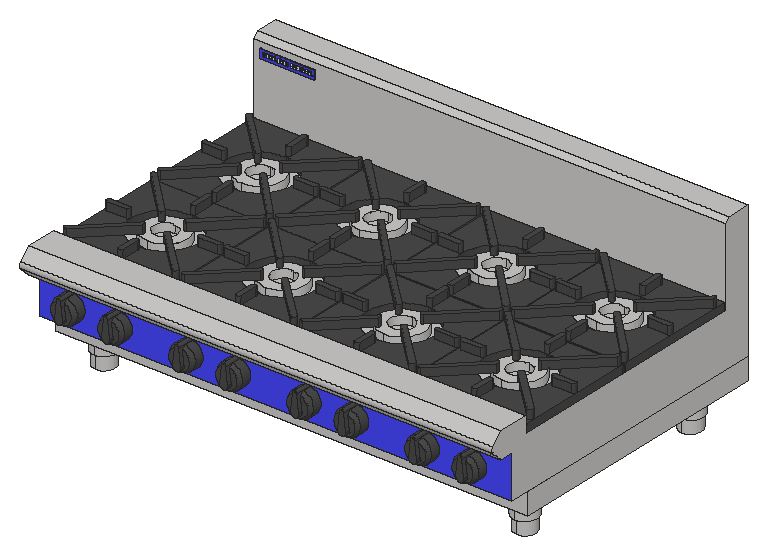
Revit family "QF_MOFFAT_BLUESEAL_CE_G518D-B", category Specialty Equipment, Revit 2012 (continued)
Definition of nested family "GAS BURNER 1200"
  Forms (mm)
    Extrusion 5, solid, material "QF_Finishes_Black"
      sketch origin (600, 0, 19.5) x (0, -1, 0) y (1, 0, 0)
        loop
          spline (463.6, -291.102) -> (463.818, -292.396) -> (464.457, -293.602) -> (465.475, -294.638) -> (466.8, -295.432) -> (468.344, -295.932) -> (470, -296.102) -> (471.656, -295.932) -> (473.2, -295.432) -> (474.525, -294.638) -> (475.543, -293.602) -> (476.182, -292.396) -> (476.4, -291.102)
          line (476.4, -291.102) -> (476.4, -241.898)
          spline (476.4, -241.898) -> (476.182, -240.604) -> (475.543, -239.398) -> (474.525, -238.362) -> (473.2, -237.568) -> (471.656, -237.068) -> (470, -236.898) -> (468.344, -237.068) -> (466.8, -237.568) -> (465.475, -238.362) -> (464.457, -239.398) -> (463.818, -240.604) -> (463.6, -241.898)
          line (463.6, -241.898) -> (463.6, -291.102)
        loop
          line (612.398, -284.847) -> (505.975, -176.924)
          spline (505.975, -176.924) -> (504.905, -176.163) -> (503.601, -175.762) -> (502.149, -175.749) -> (500.65, -176.125) -> (499.205, -176.863) -> (497.914, -177.914) -> (496.863, -179.205) -> (496.125, -180.65) -> (495.749, -182.149) -> (495.762, -183.601) -> (496.163, -184.905) -> (496.924, -185.975)
          line (496.924, -185.975) -> (603.347, -293.898)
          spline (603.347, -293.898) -> (604.416, -294.659) -> (605.721, -295.059) -> (607.172, -295.072) -> (608.671, -294.697) -> (610.116, -293.959) -> (611.408, -292.908) -> (612.459, -291.616) -> (613.197, -290.171) -> (613.572, -288.672) -> (613.559, -287.221) -> (613.159, -285.916) -> (612.398, -284.847)
        loop
          line (609.602, -143.6) -> (561.898, -143.6)
          spline (561.898, -143.6) -> (560.604, -143.818) -> (559.398, -144.457) -> (558.362, -145.475) -> (557.568, -146.8) -> (557.068, -148.344) -> (556.898, -150) -> (557.068, -151.656) -> (557.568, -153.2) -> (558.362, -154.525) -> (559.398, -155.543) -> (560.604, -156.182) -> (561.898, -156.4)
          line (561.898, -156.4) -> (609.602, -156.4)
          spline (609.602, -156.4) -> (610.896, -156.182) -> (612.102, -155.543) -> (613.138, -154.525) -> (613.932, -153.2) -> (614.432, -151.656) -> (614.602, -150) -> (614.432, -148.344) -> (613.932, -146.8) -> (613.138, -145.475) -> (612.102, -144.457) -> (610.896, -143.818) -> (609.602, -143.6)
        loop
          spline (612.398, -15.153) -> (613.159, -14.084) -> (613.559, -12.779) -> (613.572, -11.328) -> (613.197, -9.829) -> (612.459, -8.384) -> (611.408, -7.092) -> (610.116, -6.041) -> (608.671, -5.303) -> (607.172, -4.928) -> (605.721, -4.941) -> (604.416, -5.341) -> (603.347, -6.102)
          line (603.347, -6.102) -> (496.924, -114.025)
          spline (496.924, -114.025) -> (496.163, -115.095) -> (495.762, -116.399) -> (495.749, -117.851) -> (496.125, -119.35) -> (496.863, -120.795) -> (497.914, -122.086) -> (499.205, -123.137) -> (500.65, -123.875) -> (502.149, -124.251) -> (503.601, -124.238) -> (504.905, -123.837) -> (505.975, -123.076)
          line (505.975, -123.076) -> (612.398, -15.153)
        loop
          spline (476.4, -8.898) -> (476.182, -7.604) -> (475.543, -6.398) -> (474.525, -5.362) -> (473.2, -4.568) -> (471.656, -4.068) -> (470, -3.898) -> (468.344, -4.068) -> (466.8, -4.568) -> (465.475, -5.362) -> (464.457, -6.398) -> (463.818, -7.604) -> (463.6, -8.898)
          line (463.6, -8.898) -> (463.6, -58.102)
          spline (463.6, -58.102) -> (463.818, -59.396) -> (464.457, -60.602) -> (465.475, -61.638) -> (466.8, -62.432) -> (468.344, -62.932) -> (470, -63.102) -> (471.656, -62.932) -> (473.2, -62.432) -> (474.525, -61.638) -> (475.543, -60.602) -> (476.182, -59.396) -> (476.4, -58.102)
          line (476.4, -58.102) -> (476.4, -8.898)
        loop
          line (22.602, -15.153) -> (130.525, -123.076)
          spline (130.525, -123.076) -> (131.595, -123.837) -> (132.899, -124.238) -> (134.351, -124.251) -> (135.85, -123.875) -> (137.295, -123.137) -> (138.586, -122.086) -> (139.637, -120.795) -> (140.375, -119.35) -> (140.751, -117.851) -> (140.738, -116.399) -> (140.337, -115.095) -> (139.576, -114.025)
          line (139.576, -114.025) -> (31.653, -6.102)
          spline (31.653, -6.102) -> (30.424, -5.181) -> (28.97, -4.631) -> (27.39, -4.49) -> (25.792, -4.767) -> (24.286, -5.443) -> (22.973, -6.473) -> (21.943, -7.786) -> (21.267, -9.292) -> (20.99, -10.89) -> (21.131, -12.47) -> (21.681, -13.924) -> (22.602, -15.153)
        loop
          line (25.398, -156.4) -> (74.602, -156.4)
          spline (74.602, -156.4) -> (75.896, -156.182) -> (77.102, -155.543) -> (78.138, -154.525) -> (78.932, -153.2) -> (79.432, -151.656) -> (79.602, -150) -> (79.432, -148.344) -> (78.932, -146.8) -> (78.138, -145.475) -> (77.102, -144.457) -> (75.896, -143.818) -> (74.602, -143.6)
          line (74.602, -143.6) -> (25.398, -143.6)
          spline (25.398, -143.6) -> (24.104, -143.818) -> (22.898, -144.457) -> (21.862, -145.475) -> (21.068, -146.8) -> (20.568, -148.344) -> (20.398, -150) -> (20.568, -151.656) -> (21.068, -153.2) -> (21.862, -154.525) -> (22.898, -155.543) -> (24.104, -156.182) -> (25.398, -156.4)
        loop
          line (31.653, -293.898) -> (139.576, -185.975)
          spline (139.576, -185.975) -> (140.337, -184.905) -> (140.738, -183.601) -> (140.751, -182.149) -> (140.375, -180.65) -> (139.637, -179.205) -> (138.586, -177.914) -> (137.295, -176.863) -> (135.85, -176.125) -> (134.351, -175.749) -> (132.899, -175.762) -> (131.595, -176.163) -> (130.525, -176.924)
          line (130.525, -176.924) -> (22.602, -284.847)
          spline (22.602, -284.847) -> (21.841, -285.916) -> (21.441, -287.221) -> (21.428, -288.672) -> (21.803, -290.171) -> (22.541, -291.616) -> (23.592, -292.908) -> (24.884, -293.959) -> (26.329, -294.697) -> (27.828, -295.072) -> (29.279, -295.059) -> (30.584, -294.659) -> (31.653, -293.898)
        loop
          spline (160.1, -291.102) -> (160.318, -292.396) -> (160.957, -293.602) -> (161.975, -294.638) -> (163.3, -295.432) -> (164.844, -295.932) -> (166.5, -296.102) -> (168.156, -295.932) -> (169.7, -295.432) -> (171.025, -294.638) -> (172.043, -293.602) -> (172.682, -292.396) -> (172.9, -291.102)
          line (172.9, -291.102) -> (172.9, -241.898)
          spline (172.9, -241.898) -> (172.682, -240.604) -> (172.043, -239.398) -> (171.025, -238.362) -> (169.7, -237.568) -> (168.156, -237.068) -> (166.5, -236.898) -> (164.844, -237.068) -> (163.3, -237.568) -> (161.975, -238.362) -> (160.957, -239.398) -> (160.318, -240.604) -> (160.1, -241.898)
          line (160.1, -241.898) -> (160.1, -291.102)
        loop
          line (313.898, -284.847) -> (202.475, -176.924)
          spline (202.475, -176.924) -> (201.405, -176.163) -> (200.101, -175.762) -> (198.649, -175.749) -> (197.15, -176.125) -> (195.705, -176.863) -> (194.414, -177.914) -> (193.363, -179.205) -> (192.625, -180.65) -> (192.249, -182.149) -> (192.262, -183.601) -> (192.663, -184.905) -> (193.424, -185.975)
          line (193.424, -185.975) -> (304.847, -293.898)
          spline (304.847, -293.898) -> (305.916, -294.659) -> (307.221, -295.059) -> (308.672, -295.072) -> (310.171, -294.697) -> (311.616, -293.959) -> (312.908, -292.908) -> (313.959, -291.616) -> (314.697, -290.171) -> (315.072, -288.672) -> (315.059, -287.221) -> (314.659, -285.916) -> (313.898, -284.847)
        loop
          line (311.102, -143.6) -> (261.898, -143.6)
          spline (261.898, -143.6) -> (260.604, -143.818) -> (259.398, -144.457) -> (258.362, -145.475) -> (257.568, -146.8) -> (257.068, -148.344) -> (256.898, -150) -> (257.068, -151.656) -> (257.568, -153.2) -> (258.362, -154.525) -> (259.398, -155.543) -> (260.604, -156.182) -> (261.898, -156.4)
          line (261.898, -156.4) -> (311.102, -156.4)
          spline (311.102, -156.4) -> (312.396, -156.182) -> (313.602, -155.543) -> (314.638, -154.525) -> (315.432, -153.2) -> (315.932, -151.656) -> (316.102, -150) -> (315.932, -148.344) -> (315.432, -146.8) -> (314.638, -145.475) -> (313.602, -144.457) -> (312.396, -143.818) -> (311.102, -143.6)
        loop
          spline (313.898, -15.153) -> (314.659, -14.084) -> (315.059, -12.779) -> (315.072, -11.328) -> (314.697, -9.829) -> (313.959, -8.384) -> (312.908, -7.092) -> (311.616, -6.041) -> (310.171, -5.303) -> (308.672, -4.928) -> (307.221, -4.941) -> (305.916, -5.341) -> (304.847, -6.102)
          line (304.847, -6.102) -> (193.424, -114.025)
          spline (193.424, -114.025) -> (192.663, -115.095) -> (192.262, -116.399) -> (192.249, -117.851) -> (192.625, -119.35) -> (193.363, -120.795) -> (194.414, -122.086) -> (195.705, -123.137) -> (197.15, -123.875) -> (198.649, -124.251) -> (200.101, -124.238) -> (201.405, -123.837) -> (202.475, -123.076)
          line (202.475, -123.076) -> (313.898, -15.153)
        loop
          spline (172.9, -8.898) -> (172.682, -7.604) -> (172.043, -6.398) -> (171.025, -5.362) -> (169.7, -4.568) -> (168.156, -4.068) -> (166.5, -3.898) -> (164.844, -4.068) -> (163.3, -4.568) -> (161.975, -5.362) -> (160.957, -6.398) -> (160.318, -7.604) -> (160.1, -8.898)
          line (160.1, -8.898) -> (160.1, -58.102)
          spline (160.1, -58.102) -> (160.318, -59.396) -> (160.957, -60.602) -> (161.975, -61.638) -> (163.3, -62.432) -> (164.844, -62.932) -> (166.5, -63.102) -> (168.156, -62.932) -> (169.7, -62.432) -> (171.025, -61.638) -> (172.043, -60.602) -> (172.682, -59.396) -> (172.9, -58.102)
          line (172.9, -58.102) -> (172.9, -8.898)
      from 0 to 20.5
    Extrusion 6, solid, material "QF_Finishes_Stainless Steel"
      sketch origin (600, -15.098, 0) x (0, -1, 0) y (1, 0, 0)
        loop
          circle (151.402, -150) r 57
        loop
          circle (451.402, -150) r 57
        loop
          circle (151.402, -150) r 30
        loop
          circle (451.402, -150) r 30
      from 0 to 20
    Extrusion 7, solid, material "QF_Finishes_Black"
      sketch origin (901, 0, 19.5) x (0, -1, 0) y (1, 0, 0)
        loop
          line (326.102, -15.153) -> (434.025, -123.076)
          spline (434.025, -123.076) -> (435.095, -123.837) -> (436.399, -124.238) -> (437.851, -124.251) -> (439.35, -123.875) -> (440.795, -123.137) -> (442.086, -122.086) -> (443.137, -120.795) -> (443.875, -119.35) -> (444.251, -117.851) -> (444.238, -116.399) -> (443.837, -115.095) -> (443.076, -114.025)
          line (443.076, -114.025) -> (335.153, -6.102)
          spline (335.153, -6.102) -> (333.924, -5.181) -> (332.47, -4.631) -> (330.89, -4.49) -> (329.292, -4.767) -> (327.786, -5.443) -> (326.473, -6.473) -> (325.443, -7.786) -> (324.767, -9.292) -> (324.49, -10.89) -> (324.631, -12.47) -> (325.181, -13.924) -> (326.102, -15.153)
        loop
          line (328.898, -156.4) -> (378.102, -156.4)
          spline (378.102, -156.4) -> (379.396, -156.182) -> (380.602, -155.543) -> (381.638, -154.525) -> (382.432, -153.2) -> (382.932, -151.656) -> (383.102, -150) -> (382.932, -148.344) -> (382.432, -146.8) -> (381.638, -145.475) -> (380.602, -144.457) -> (379.396, -143.818) -> (378.102, -143.6)
          line (378.102, -143.6) -> (328.898, -143.6)
          spline (328.898, -143.6) -> (327.604, -143.818) -> (326.398, -144.457) -> (325.362, -145.475) -> (324.568, -146.8) -> (324.068, -148.344) -> (323.898, -150) -> (324.068, -151.656) -> (324.568, -153.2) -> (325.362, -154.525) -> (326.398, -155.543) -> (327.604, -156.182) -> (328.898, -156.4)
        loop
          line (335.153, -293.898) -> (443.076, -185.975)
          spline (443.076, -185.975) -> (443.837, -184.905) -> (444.238, -183.601) -> (444.251, -182.149) -> (443.875, -180.65) -> (443.137, -179.205) -> (442.086, -177.914) -> (440.795, -176.863) -> (439.35, -176.125) -> (437.851, -175.749) -> (436.399, -175.762) -> (435.095, -176.163) -> (434.025, -176.924)
          line (434.025, -176.924) -> (326.102, -284.847)
          spline (326.102, -284.847) -> (325.341, -285.916) -> (324.941, -287.221) -> (324.928, -288.672) -> (325.303, -290.171) -> (326.041, -291.616) -> (327.092, -292.908) -> (328.384, -293.959) -> (329.829, -294.697) -> (331.328, -295.072) -> (332.779, -295.059) -> (334.084, -294.659) -> (335.153, -293.898)
        loop
          spline (463.6, -291.102) -> (463.818, -292.396) -> (464.457, -293.602) -> (465.475, -294.638) -> (466.8, -295.432) -> (468.344, -295.932) -> (470, -296.102) -> (471.656, -295.932) -> (473.2, -295.432) -> (474.525, -294.638) -> (475.543, -293.602) -> (476.182, -292.396) -> (476.4, -291.102)
          line (476.4, -291.102) -> (476.4, -241.898)
          spline (476.4, -241.898) -> (476.182, -240.604) -> (475.543, -239.398) -> (474.525, -238.362) -> (473.2, -237.568) -> (471.656, -237.068) -> (470, -236.898) -> (468.344, -237.068) -> (466.8, -237.568) -> (465.475, -238.362) -> (464.457, -239.398) -> (463.818, -240.604) -> (463.6, -241.898)
          line (463.6, -241.898) -> (463.6, -291.102)
        loop
          line (612.398, -284.847) -> (505.975, -176.924)
          spline (505.975, -176.924) -> (504.905, -176.163) -> (503.601, -175.762) -> (502.149, -175.749) -> (500.65, -176.125) -> (499.205, -176.863) -> (497.914, -177.914) -> (496.863, -179.205) -> (496.125, -180.65) -> (495.749, -182.149) -> (495.762, -183.601) -> (496.163, -184.905) -> (496.924, -185.975)
          line (496.924, -185.975) -> (603.347, -293.898)
          spline (603.347, -293.898) -> (604.416, -294.659) -> (605.721, -295.059) -> (607.172, -295.072) -> (608.671, -294.697) -> (610.116, -293.959) -> (611.408, -292.908) -> (612.459, -291.616) -> (613.197, -290.171) -> (613.572, -288.672) -> (613.559, -287.221) -> (613.159, -285.916) -> (612.398, -284.847)
        loop
          line (609.602, -143.6) -> (561.898, -143.6)
          spline (561.898, -143.6) -> (560.604, -143.818) -> (559.398, -144.457) -> (558.362, -145.475) -> (557.568, -146.8) -> (557.068, -148.344) -> (556.898, -150) -> (557.068, -151.656) -> (557.568, -153.2) -> (558.362, -154.525) -> (559.398, -155.543) -> (560.604, -156.182) -> (561.898, -156.4)
          line (561.898, -156.4) -> (609.602, -156.4)
          spline (609.602, -156.4) -> (610.896, -156.182) -> (612.102, -155.543) -> (613.138, -154.525) -> (613.932, -153.2) -> (614.432, -151.656) -> (614.602, -150) -> (614.432, -148.344) -> (613.932, -146.8) -> (613.138, -145.475) -> (612.102, -144.457) -> (610.896, -143.818) -> (609.602, -143.6)
        loop
          spline (612.398, -15.153) -> (613.159, -14.084) -> (613.559, -12.779) -> (613.572, -11.328) -> (613.197, -9.829) -> (612.459, -8.384) -> (611.408, -7.092) -> (610.116, -6.041) -> (608.671, -5.303) -> (607.172, -4.928) -> (605.721, -4.941) -> (604.416, -5.341) -> (603.347, -6.102)
          line (603.347, -6.102) -> (496.924, -114.025)
          spline (496.924, -114.025) -> (496.163, -115.095) -> (495.762, -116.399) -> (495.749, -117.851) -> (496.125, -119.35) -> (496.863, -120.795) -> (497.914, -122.086) -> (499.205, -123.137) -> (500.65, -123.875) -> (502.149, -124.251) -> (503.601, -124.238) -> (504.905, -123.837) -> (505.975, -123.076)
          line (505.975, -123.076) -> (612.398, -15.153)
        loop
          spline (476.4, -8.898) -> (476.182, -7.604) -> (475.543, -6.398) -> (474.525, -5.362) -> (473.2, -4.568) -> (471.656, -4.068) -> (470, -3.898) -> (468.344, -4.068) -> (466.8, -4.568) -> (465.475, -5.362) -> (464.457, -6.398) -> (463.818, -7.604) -> (463.6, -8.898)
          line (463.6, -8.898) -> (463.6, -58.102)
          spline (463.6, -58.102) -> (463.818, -59.396) -> (464.457, -60.602) -> (465.475, -61.638) -> (466.8, -62.432) -> (468.344, -62.932) -> (470, -63.102) -> (471.656, -62.932) -> (473.2, -62.432) -> (474.525, -61.638) -> (475.543, -60.602) -> (476.182, -59.396) -> (476.4, -58.102)
          line (476.4, -58.102) -> (476.4, -8.898)
        loop
          line (22.602, -15.153) -> (130.525, -123.076)
          spline (130.525, -123.076) -> (131.595, -123.837) -> (132.899, -124.238) -> (134.351, -124.251) -> (135.85, -123.875) -> (137.295, -123.137) -> (138.586, -122.086) -> (139.637, -120.795) -> (140.375, -119.35) -> (140.751, -117.851) -> (140.738, -116.399) -> (140.337, -115.095) -> (139.576, -114.025)
          line (139.576, -114.025) -> (31.653, -6.102)
          spline (31.653, -6.102) -> (30.424, -5.181) -> (28.97, -4.631) -> (27.39, -4.49) -> (25.792, -4.767) -> (24.286, -5.443) -> (22.973, -6.473) -> (21.943, -7.786) -> (21.267, -9.292) -> (20.99, -10.89) -> (21.131, -12.47) -> (21.681, -13.924) -> (22.602, -15.153)
        loop
          line (25.398, -156.4) -> (74.602, -156.4)
          spline (74.602, -156.4) -> (75.896, -156.182) -> (77.102, -155.543) -> (78.138, -154.525) -> (78.932, -153.2) -> (79.432, -151.656) -> (79.602, -150) -> (79.432, -148.344) -> (78.932, -146.8) -> (78.138, -145.475) -> (77.102, -144.457) -> (75.896, -143.818) -> (74.602, -143.6)
          line (74.602, -143.6) -> (25.398, -143.6)
          spline (25.398, -143.6) -> (24.104, -143.818) -> (22.898, -144.457) -> (21.862, -145.475) -> (21.068, -146.8) -> (20.568, -148.344) -> (20.398, -150) -> (20.568, -151.656) -> (21.068, -153.2) -> (21.862, -154.525) -> (22.898, -155.543) -> (24.104, -156.182) -> (25.398, -156.4)
        loop
          line (31.653, -293.898) -> (139.576, -185.975)
          spline (139.576, -185.975) -> (140.337, -184.905) -> (140.738, -183.601) -> (140.751, -182.149) -> (140.375, -180.65) -> (139.637, -179.205) -> (138.586, -177.914) -> (137.295, -176.863) -> (135.85, -176.125) -> (134.351, -175.749) -> (132.899, -175.762) -> (131.595, -176.163) -> (130.525, -176.924)
          line (130.525, -176.924) -> (22.602, -284.847)
          spline (22.602, -284.847) -> (21.841, -285.916) -> (21.441, -287.221) -> (21.428, -288.672) -> (21.803, -290.171) -> (22.541, -291.616) -> (23.592, -292.908) -> (24.884, -293.959) -> (26.329, -294.697) -> (27.828, -295.072) -> (29.279, -295.059) -> (30.584, -294.659) -> (31.653, -293.898)
        loop
          spline (160.1, -291.102) -> (160.318, -292.396) -> (160.957, -293.602) -> (161.975, -294.638) -> (163.3, -295.432) -> (164.844, -295.932) -> (166.5, -296.102) -> (168.156, -295.932) -> (169.7, -295.432) -> (171.025, -294.638) -> (172.043, -293.602) -> (172.682, -292.396) -> (172.9, -291.102)
          line (172.9, -291.102) -> (172.9, -241.898)
          spline (172.9, -241.898) -> (172.682, -240.604) -> (172.043, -239.398) -> (171.025, -238.362) -> (169.7, -237.568) -> (168.156, -237.068) -> (166.5, -236.898) -> (164.844, -237.068) -> (163.3, -237.568) -> (161.975, -238.362) -> (160.957, -239.398) -> (160.318, -240.604) -> (160.1, -241.898)
          line (160.1, -241.898) -> (160.1, -291.102)
        loop
          line (313.898, -284.847) -> (202.475, -176.924)
          spline (202.475, -176.924) -> (201.405, -176.163) -> (200.101, -175.762) -> (198.649, -175.749) -> (197.15, -176.125) -> (195.705, -176.863) -> (194.414, -177.914) -> (193.363, -179.205) -> (192.625, -180.65) -> (192.249, -182.149) -> (192.262, -183.601) -> (192.663, -184.905) -> (193.424, -185.975)
          line (193.424, -185.975) -> (304.847, -293.898)
          spline (304.847, -293.898) -> (305.916, -294.659) -> (307.221, -295.059) -> (308.672, -295.072) -> (310.171, -294.697) -> (311.616, -293.959) -> (312.908, -292.908) -> (313.959, -291.616) -> (314.697, -290.171) -> (315.072, -288.672) -> (315.059, -287.221) -> (314.659, -285.916) -> (313.898, -284.847)
        loop
          line (311.102, -143.6) -> (261.898, -143.6)
          spline (261.898, -143.6) -> (260.604, -143.818) -> (259.398, -144.457) -> (258.362, -145.475) -> (257.568, -146.8) -> (257.068, -148.344) -> (256.898, -150) -> (257.068, -151.656) -> (257.568, -153.2) -> (258.362, -154.525) -> (259.398, -155.543) -> (260.604, -156.182) -> (261.898, -156.4)
          line (261.898, -156.4) -> (311.102, -156.4)
          spline (311.102, -156.4) -> (312.396, -156.182) -> (313.602, -155.543) -> (314.638, -154.525) -> (315.432, -153.2) -> (315.932, -151.656) -> (316.102, -150) -> (315.932, -148.344) -> (315.432, -146.8) -> (314.638, -145.475) -> (313.602, -144.457) -> (312.396, -143.818) -> (311.102, -143.6)
        loop
          spline (313.898, -15.153) -> (314.659, -14.084) -> (315.059, -12.779) -> (315.072, -11.328) -> (314.697, -9.829) -> (313.959, -8.384) -> (312.908, -7.092) -> (311.616, -6.041) -> (310.171, -5.303) -> (308.672, -4.928) -> (307.221, -4.941) -> (305.916, -5.341) -> (304.847, -6.102)
          line (304.847, -6.102) -> (193.424, -114.025)
          spline (193.424, -114.025) -> (192.663, -115.095) -> (192.262, -116.399) -> (192.249, -117.851) -> (192.625, -119.35) -> (193.363, -120.795) -> (194.414, -122.086) -> (195.705, -123.137) -> (197.15, -123.875) -> (198.649, -124.251) -> (200.101, -124.238) -> (201.405, -123.837) -> (202.475, -123.076)
          line (202.475, -123.076) -> (313.898, -15.153)
        loop
          spline (172.9, -8.898) -> (172.682, -7.604) -> (172.043, -6.398) -> (171.025, -5.362) -> (169.7, -4.568) -> (168.156, -4.068) -> (166.5, -3.898) -> (164.844, -4.068) -> (163.3, -4.568) -> (161.975, -5.362) -> (160.957, -6.398) -> (160.318, -7.604) -> (160.1, -8.898)
          line (160.1, -8.898) -> (160.1, -58.102)
          spline (160.1, -58.102) -> (160.318, -59.396) -> (160.957, -60.602) -> (161.975, -61.638) -> (163.3, -62.432) -> (164.844, -62.932) -> (166.5, -63.102) -> (168.156, -62.932) -> (169.7, -62.432) -> (171.025, -61.638) -> (172.043, -60.602) -> (172.682, -59.396) -> (172.9, -58.102)
          line (172.9, -58.102) -> (172.9, -8.898)
      from 0 to 20.5
    Extrusion 8, solid, material "QF_Finishes_Stainless Steel"
      sketch origin (901, -15.098, 0) x (0, -1, 0) y (1, 0, 0)
        loop
          circle (151.402, -150) r 57
        loop
          circle (451.402, -150) r 57
        loop
          circle (151.402, -150) r 30
        loop
          circle (451.402, -150) r 30
      from 0 to 20
    Extrusion 9, solid, material "QF_Finishes_Black"
      sketch origin (901, 0, 0) x (0, -1, 0) y (1, 0, 0)
        loop
          arc (318.5, -4) -> (317.621, -1.879) -> (315.5, -1) r 3
          line (315.5, -1) -> (3, -1)
          arc (3, -1) -> (0.879, -1.879) -> (0, -4) r 3
          line (0, -4) -> (0, -296)
          arc (0, -296) -> (0.879, -298.121) -> (3, -299) r 3
          line (3, -299) -> (315.5, -299)
          arc (315.5, -299) -> (317.621, -298.121) -> (318.5, -296) r 3
          line (318.5, -296) -> (318.5, -4)
        loop
          arc (324.5, -1) -> (322.379, -1.879) -> (321.5, -4) r 3
          line (321.5, -4) -> (321.5, -296)
          arc (321.5, -296) -> (322.379, -298.121) -> (324.5, -299) r 3
          line (324.5, -299) -> (632, -299)
          arc (632, -299) -> (634.121, -298.121) -> (635, -296) r 3
          line (635, -296) -> (635, -4)
          arc (635, -4) -> (634.121, -1.879) -> (632, -1) r 3
          line (632, -1) -> (324.5, -1)
        loop
          circle (168.5, -149.991) r 84.082
        loop
          circle (468.5, -149.991) r 84.082
      from 0 to 19.5
    Extrusion 10, solid, material "QF_Finishes_Stainless Steel"
      sketch origin (901, -15.098, 0) x (0, -1, 0) y (1, 0, 0)
        loop
          circle (151.402, -150) r 57
        loop
          circle (451.402, -150) r 57
        loop
          circle (151.402, -150) r 30
        loop
          circle (451.402, -150) r 30
      from 0 to 20
    Extrusion 11, solid, material "QF_Finishes_Black"
      sketch origin (1200, 0, 0) x (0, -1, 0) y (1, 0, 0)
        loop
          arc (318.5, -4) -> (317.621, -1.879) -> (315.5, -1) r 3
          line (315.5, -1) -> (3, -1)
          arc (3, -1) -> (0.879, -1.879) -> (0, -4) r 3
          line (0, -4) -> (0, -296)
          arc (0, -296) -> (0.879, -298.121) -> (3, -299) r 3
          line (3, -299) -> (315.5, -299)
          arc (315.5, -299) -> (317.621, -298.121) -> (318.5, -296) r 3
          line (318.5, -296) -> (318.5, -4)
        loop
          arc (324.5, -1) -> (322.379, -1.879) -> (321.5, -4) r 3
          line (321.5, -4) -> (321.5, -296)
          arc (321.5, -296) -> (322.379, -298.121) -> (324.5, -299) r 3
          line (324.5, -299) -> (632, -299)
          arc (632, -299) -> (634.121, -298.121) -> (635, -296) r 3
          line (635, -296) -> (635, -4)
          arc (635, -4) -> (634.121, -1.879) -> (632, -1) r 3
          line (632, -1) -> (324.5, -1)
        loop
          circle (168.5, -149.991) r 84.082
        loop
          circle (468.5, -149.991) r 84.082
      from 0 to 19.5
    Extrusion 12, solid, material "QF_Finishes_Black"
      sketch origin (1200, 0, 19.5) x (0, -1, 0) y (1, 0, 0)
        loop
          line (326.102, -15.153) -> (434.025, -123.076)
          spline (434.025, -123.076) -> (435.095, -123.837) -> (436.399, -124.238) -> (437.851, -124.251) -> (439.35, -123.875) -> (440.795, -123.137) -> (442.086, -122.086) -> (443.137, -120.795) -> (443.875, -119.35) -> (444.251, -117.851) -> (444.238, -116.399) -> (443.837, -115.095) -> (443.076, -114.025)
          line (443.076, -114.025) -> (335.153, -6.102)
          spline (335.153, -6.102) -> (333.924, -5.181) -> (332.47, -4.631) -> (330.89, -4.49) -> (329.292, -4.767) -> (327.786, -5.443) -> (326.473, -6.473) -> (325.443, -7.786) -> (324.767, -9.292) -> (324.49, -10.89) -> (324.631, -12.47) -> (325.181, -13.924) -> (326.102, -15.153)
        loop
          line (328.898, -156.4) -> (378.102, -156.4)
          spline (378.102, -156.4) -> (379.396, -156.182) -> (380.602, -155.543) -> (381.638, -154.525) -> (382.432, -153.2) -> (382.932, -151.656) -> (383.102, -150) -> (382.932, -148.344) -> (382.432, -146.8) -> (381.638, -145.475) -> (380.602, -144.457) -> (379.396, -143.818) -> (378.102, -143.6)
          line (378.102, -143.6) -> (328.898, -143.6)
          spline (328.898, -143.6) -> (327.604, -143.818) -> (326.398, -144.457) -> (325.362, -145.475) -> (324.568, -146.8) -> (324.068, -148.344) -> (323.898, -150) -> (324.068, -151.656) -> (324.568, -153.2) -> (325.362, -154.525) -> (326.398, -155.543) -> (327.604, -156.182) -> (328.898, -156.4)
        loop
          line (335.153, -293.898) -> (443.076, -185.975)
          spline (443.076, -185.975) -> (443.837, -184.905) -> (444.238, -183.601) -> (444.251, -182.149) -> (443.875, -180.65) -> (443.137, -179.205) -> (442.086, -177.914) -> (440.795, -176.863) -> (439.35, -176.125) -> (437.851, -175.749) -> (436.399, -175.762) -> (435.095, -176.163) -> (434.025, -176.924)
          line (434.025, -176.924) -> (326.102, -284.847)
          spline (326.102, -284.847) -> (325.341, -285.916) -> (324.941, -287.221) -> (324.928, -288.672) -> (325.303, -290.171) -> (326.041, -291.616) -> (327.092, -292.908) -> (328.384, -293.959) -> (329.829, -294.697) -> (331.328, -295.072) -> (332.779, -295.059) -> (334.084, -294.659) -> (335.153, -293.898)
        loop
          spline (463.6, -291.102) -> (463.818, -292.396) -> (464.457, -293.602) -> (465.475, -294.638) -> (466.8, -295.432) -> (468.344, -295.932) -> (470, -296.102) -> (471.656, -295.932) -> (473.2, -295.432) -> (474.525, -294.638) -> (475.543, -293.602) -> (476.182, -292.396) -> (476.4, -291.102)
          line (476.4, -291.102) -> (476.4, -241.898)
          spline (476.4, -241.898) -> (476.182, -240.604) -> (475.543, -239.398) -> (474.525, -238.362) -> (473.2, -237.568) -> (471.656, -237.068) -> (470, -236.898) -> (468.344, -237.068) -> (466.8, -237.568) -> (465.475, -238.362) -> (464.457, -239.398) -> (463.818, -240.604) -> (463.6, -241.898)
          line (463.6, -241.898) -> (463.6, -291.102)
        loop
          line (612.398, -284.847) -> (505.975, -176.924)
          spline (505.975, -176.924) -> (504.905, -176.163) -> (503.601, -175.762) -> (502.149, -175.749) -> (500.65, -176.125) -> (499.205, -176.863) -> (497.914, -177.914) -> (496.863, -179.205) -> (496.125, -180.65) -> (495.749, -182.149) -> (495.762, -183.601) -> (496.163, -184.905) -> (496.924, -185.975)
          line (496.924, -185.975) -> (603.347, -293.898)
          spline (603.347, -293.898) -> (604.416, -294.659) -> (605.721, -295.059) -> (607.172, -295.072) -> (608.671, -294.697) -> (610.116, -293.959) -> (611.408, -292.908) -> (612.459, -291.616) -> (613.197, -290.171) -> (613.572, -288.672) -> (613.559, -287.221) -> (613.159, -285.916) -> (612.398, -284.847)
        loop
          line (609.602, -143.6) -> (561.898, -143.6)
          spline (561.898, -143.6) -> (560.604, -143.818) -> (559.398, -144.457) -> (558.362, -145.475) -> (557.568, -146.8) -> (557.068, -148.344) -> (556.898, -150) -> (557.068, -151.656) -> (557.568, -153.2) -> (558.362, -154.525) -> (559.398, -155.543) -> (560.604, -156.182) -> (561.898, -156.4)
          line (561.898, -156.4) -> (609.602, -156.4)
          spline (609.602, -156.4) -> (610.896, -156.182) -> (612.102, -155.543) -> (613.138, -154.525) -> (613.932, -153.2) -> (614.432, -151.656) -> (614.602, -150) -> (614.432, -148.344) -> (613.932, -146.8) -> (613.138, -145.475) -> (612.102, -144.457) -> (610.896, -143.818) -> (609.602, -143.6)
        loop
          spline (612.398, -15.153) -> (613.159, -14.084) -> (613.559, -12.779) -> (613.572, -11.328) -> (613.197, -9.829) -> (612.459, -8.384) -> (611.408, -7.092) -> (610.116, -6.041) -> (608.671, -5.303) -> (607.172, -4.928) -> (605.721, -4.941) -> (604.416, -5.341) -> (603.347, -6.102)
          line (603.347, -6.102) -> (496.924, -114.025)
          spline (496.924, -114.025) -> (496.163, -115.095) -> (495.762, -116.399) -> (495.749, -117.851) -> (496.125, -119.35) -> (496.863, -120.795) -> (497.914, -122.086) -> (499.205, -123.137) -> (500.65, -123.875) -> (502.149, -124.251) -> (503.601, -124.238) -> (504.905, -123.837) -> (505.975, -123.076)
          line (505.975, -123.076) -> (612.398, -15.153)
        loop
          spline (476.4, -8.898) -> (476.182, -7.604) -> (475.543, -6.398) -> (474.525, -5.362) -> (473.2, -4.568) -> (471.656, -4.068) -> (470, -3.898) -> (468.344, -4.068) -> (466.8, -4.568) -> (465.475, -5.362) -> (464.457, -6.398) -> (463.818, -7.604) -> (463.6, -8.898)
          line (463.6, -8.898) -> (463.6, -58.102)
          spline (463.6, -58.102) -> (463.818, -59.396) -> (464.457, -60.602) -> (465.475, -61.638) -> (466.8, -62.432) -> (468.344, -62.932) -> (470, -63.102) -> (471.656, -62.932) -> (473.2, -62.432) -> (474.525, -61.638) -> (475.543, -60.602) -> (476.182, -59.396) -> (476.4, -58.102)
          line (476.4, -58.102) -> (476.4, -8.898)
        loop
          line (22.602, -15.153) -> (130.525, -123.076)
          spline (130.525, -123.076) -> (131.595, -123.837) -> (132.899, -124.238) -> (134.351, -124.251) -> (135.85, -123.875) -> (137.295, -123.137) -> (138.586, -122.086) -> (139.637, -120.795) -> (140.375, -119.35) -> (140.751, -117.851) -> (140.738, -116.399) -> (140.337, -115.095) -> (139.576, -114.025)
          line (139.576, -114.025) -> (31.653, -6.102)
          spline (31.653, -6.102) -> (30.424, -5.181) -> (28.97, -4.631) -> (27.39, -4.49) -> (25.792, -4.767) -> (24.286, -5.443) -> (22.973, -6.473) -> (21.943, -7.786) -> (21.267, -9.292) -> (20.99, -10.89) -> (21.131, -12.47) -> (21.681, -13.924) -> (22.602, -15.153)
        loop
          line (25.398, -156.4) -> (74.602, -156.4)
          spline (74.602, -156.4) -> (75.896, -156.182) -> (77.102, -155.543) -> (78.138, -154.525) -> (78.932, -153.2) -> (79.432, -151.656) -> (79.602, -150) -> (79.432, -148.344) -> (78.932, -146.8) -> (78.138, -145.475) -> (77.102, -144.457) -> (75.896, -143.818) -> (74.602, -143.6)
          line (74.602, -143.6) -> (25.398, -143.6)
          spline (25.398, -143.6) -> (24.104, -143.818) -> (22.898, -144.457) -> (21.862, -145.475) -> (21.068, -146.8) -> (20.568, -148.344) -> (20.398, -150) -> (20.568, -151.656) -> (21.068, -153.2) -> (21.862, -154.525) -> (22.898, -155.543) -> (24.104, -156.182) -> (25.398, -156.4)
        loop
          line (31.653, -293.898) -> (139.576, -185.975)
          spline (139.576, -185.975) -> (140.337, -184.905) -> (140.738, -183.601) -> (140.751, -182.149) -> (140.375, -180.65) -> (139.637, -179.205) -> (138.586, -177.914) -> (137.295, -176.863) -> (135.85, -176.125) -> (134.351, -175.749) -> (132.899, -175.762) -> (131.595, -176.163) -> (130.525, -176.924)
          line (130.525, -176.924) -> (22.602, -284.847)
          spline (22.602, -284.847) -> (21.841, -285.916) -> (21.441, -287.221) -> (21.428, -288.672) -> (21.803, -290.171) -> (22.541, -291.616) -> (23.592, -292.908) -> (24.884, -293.959) -> (26.329, -294.697) -> (27.828, -295.072) -> (29.279, -295.059) -> (30.584, -294.659) -> (31.653, -293.898)
        loop
          spline (160.1, -291.102) -> (160.318, -292.396) -> (160.957, -293.602) -> (161.975, -294.638) -> (163.3, -295.432) -> (164.844, -295.932) -> (166.5, -296.102) -> (168.156, -295.932) -> (169.7, -295.432) -> (171.025, -294.638) -> (172.043, -293.602) -> (172.682, -292.396) -> (172.9, -291.102)
          line (172.9, -291.102) -> (172.9, -241.898)
          spline (172.9, -241.898) -> (172.682, -240.604) -> (172.043, -239.398) -> (171.025, -238.362) -> (169.7, -237.568) -> (168.156, -237.068) -> (166.5, -236.898) -> (164.844, -237.068) -> (163.3, -237.568) -> (161.975, -238.362) -> (160.957, -239.398) -> (160.318, -240.604) -> (160.1, -241.898)
          line (160.1, -241.898) -> (160.1, -291.102)
        loop
          line (313.898, -284.847) -> (202.475, -176.924)
          spline (202.475, -176.924) -> (201.405, -176.163) -> (200.101, -175.762) -> (198.649, -175.749) -> (197.15, -176.125) -> (195.705, -176.863) -> (194.414, -177.914) -> (193.363, -179.205) -> (192.625, -180.65) -> (192.249, -182.149) -> (192.262, -183.601) -> (192.663, -184.905) -> (193.424, -185.975)
          line (193.424, -185.975) -> (304.847, -293.898)
          spline (304.847, -293.898) -> (305.916, -294.659) -> (307.221, -295.059) -> (308.672, -295.072) -> (310.171, -294.697) -> (311.616, -293.959) -> (312.908, -292.908) -> (313.959, -291.616) -> (314.697, -290.171) -> (315.072, -288.672) -> (315.059, -287.221) -> (314.659, -285.916) -> (313.898, -284.847)
        loop
          line (311.102, -143.6) -> (261.898, -143.6)
          spline (261.898, -143.6) -> (260.604, -143.818) -> (259.398, -144.457) -> (258.362, -145.475) -> (257.568, -146.8) -> (257.068, -148.344) -> (256.898, -150) -> (257.068, -151.656) -> (257.568, -153.2) -> (258.362, -154.525) -> (259.398, -155.543) -> (260.604, -156.182) -> (261.898, -156.4)
          line (261.898, -156.4) -> (311.102, -156.4)
          spline (311.102, -156.4) -> (312.396, -156.182) -> (313.602, -155.543) -> (314.638, -154.525) -> (315.432, -153.2) -> (315.932, -151.656) -> (316.102, -150) -> (315.932, -148.344) -> (315.432, -146.8) -> (314.638, -145.475) -> (313.602, -144.457) -> (312.396, -143.818) -> (311.102, -143.6)
        loop
          spline (313.898, -15.153) -> (314.659, -14.084) -> (315.059, -12.779) -> (315.072, -11.328) -> (314.697, -9.829) -> (313.959, -8.384) -> (312.908, -7.092) -> (311.616, -6.041) -> (310.171, -5.303) -> (308.672, -4.928) -> (307.221, -4.941) -> (305.916, -5.341) -> (304.847, -6.102)
          line (304.847, -6.102) -> (193.424, -114.025)
          spline (193.424, -114.025) -> (192.663, -115.095) -> (192.262, -116.399) -> (192.249, -117.851) -> (192.625, -119.35) -> (193.363, -120.795) -> (194.414, -122.086) -> (195.705, -123.137) -> (197.15, -123.875) -> (198.649, -124.251) -> (200.101, -124.238) -> (201.405, -123.837) -> (202.475, -123.076)
          line (202.475, -123.076) -> (313.898, -15.153)
        loop
          spline (172.9, -8.898) -> (172.682, -7.604) -> (172.043, -6.398) -> (171.025, -5.362) -> (169.7, -4.568) -> (168.156, -4.068) -> (166.5, -3.898) -> (164.844, -4.068) -> (163.3, -4.568) -> (161.975, -5.362) -> (160.957, -6.398) -> (160.318, -7.604) -> (160.1, -8.898)
          line (160.1, -8.898) -> (160.1, -58.102)
          spline (160.1, -58.102) -> (160.318, -59.396) -> (160.957, -60.602) -> (161.975, -61.638) -> (163.3, -62.432) -> (164.844, -62.932) -> (166.5, -63.102) -> (168.156, -62.932) -> (169.7, -62.432) -> (171.025, -61.638) -> (172.043, -60.602) -> (172.682, -59.396) -> (172.9, -58.102)
          line (172.9, -58.102) -> (172.9, -8.898)
      from 0 to 20.5
    Extrusion 13, solid, material "QF_Finishes_Stainless Steel"
      sketch origin (1200, -15.098, 0) x (0, -1, 0) y (1, 0, 0)
        loop
          circle (151.402, -150) r 57
        loop
          circle (451.402, -150) r 57
        loop
          circle (151.402, -150) r 30
        loop
          circle (451.402, -150) r 30
      from 0 to 20
  Lines and regions (mm)
    symbolic lines
      curve 1: line (284.847, -22.602, 0) -> (176.924, -130.525, 0)
      curve 2: spline (176.924, -130.525, 0) -> (176.163, -131.595, 0) -> (175.762, -132.899, 0) -> (175.749, -134.351, 0) -> (176.125, -135.85, 0) -> (176.863, -137.295, 0) -> (177.914, -138.586, 0) -> (179.205, -139.637, 0) -> (180.65, -140.375, 0) -> (182.149, -140.751, 0) -> (183.601, -140.738, 0) -> (184.905, -140.337, 0) -> (185.975, -139.576, 0)
      curve 3: line (185.975, -139.576, 0) -> (293.898, -31.653, 0)
      curve 4: spline (293.898, -31.653, 0) -> (294.659, -30.584, 0) -> (295.059, -29.279, 0) -> (295.072, -27.828, 0) -> (294.697, -26.329, 0) -> (293.959, -24.884, 0) -> (292.908, -23.592, 0) -> (291.616, -22.541, 0) -> (290.171, -21.803, 0) -> (288.672, -21.428, 0) -> (287.221, -21.441, 0) -> (285.916, -21.841, 0) -> (284.847, -22.602, 0)
      curve 5: line (291.102, -160.1, 0) -> (241.898, -160.1, 0)
      curve 6: spline (241.898, -160.1, 0) -> (240.604, -160.318, 0) -> (239.398, -160.957, 0) -> (238.362, -161.975, 0) -> (237.568, -163.3, 0) -> (237.068, -164.844, 0) -> (236.898, -166.5, 0) -> (237.068, -168.156, 0) -> (237.568, -169.7, 0) -> (238.362, -171.025, 0) -> (239.398, -172.043, 0) -> (240.604, -172.682, 0) -> (241.898, -172.9, 0)
      curve 7: line (241.898, -172.9, 0) -> (291.102, -172.9, 0)
      curve 8: spline (291.102, -172.9, 0) -> (292.396, -172.682, 0) -> (293.602, -172.043, 0) -> (294.638, -171.025, 0) -> (295.432, -169.7, 0) -> (295.932, -168.156, 0) -> (296.102, -166.5, 0) -> (295.932, -164.844, 0) -> (295.432, -163.3, 0) -> (294.638, -161.975, 0) -> (293.602, -160.957, 0) -> (292.396, -160.318, 0) -> (291.102, -160.1, 0)
      curve 9: line (306.102, -31.653, 0) -> (414.025, -139.576, 0)
      curve 10: spline (414.025, -139.576, 0) -> (415.095, -140.337, 0) -> (416.399, -140.738, 0) -> (417.851, -140.751, 0) -> (419.35, -140.375, 0) -> (420.795, -139.637, 0) -> (422.086, -138.586, 0) -> (423.137, -137.295, 0) -> (423.875, -135.85, 0) -> (424.251, -134.351, 0) -> (424.238, -132.899, 0) -> (423.837, -131.595, 0) -> (423.076, -130.525, 0)
      curve 11: line (423.076, -130.525, 0) -> (315.153, -22.602, 0)
      curve 12: spline (315.153, -22.602, 0) -> (314.084, -21.841, 0) -> (312.779, -21.441, 0) -> (311.328, -21.428, 0) -> (309.829, -21.803, 0) -> (308.384, -22.541, 0) -> (307.092, -23.592, 0) -> (306.041, -24.884, 0) -> (305.303, -26.329, 0) -> (304.928, -27.828, 0) -> (304.941, -29.279, 0) -> (305.341, -30.584, 0) -> (306.102, -31.653, 0)
      curve 13: line (443.6, -25.398, 0) -> (443.6, -74.602, 0)
      curve 14: spline (443.6, -74.602, 0) -> (443.818, -75.896, 0) -> (444.457, -77.102, 0) -> (445.475, -78.138, 0) -> (446.8, -78.932, 0) -> (448.344, -79.432, 0) -> (450, -79.602, 0) -> (451.656, -79.432, 0) -> (453.2, -78.932, 0) -> (454.525, -78.138, 0) -> (455.543, -77.102, 0) -> (456.182, -75.896, 0) -> (456.4, -74.602, 0)
      curve 15: line (456.4, -74.602, 0) -> (456.4, -25.398, 0)
      curve 16: spline (456.4, -25.398, 0) -> (456.182, -24.104, 0) -> (455.543, -22.898, 0) -> (454.525, -21.862, 0) -> (453.2, -21.068, 0) -> (451.656, -20.568, 0) -> (450, -20.398, 0) -> (448.344, -20.568, 0) -> (446.8, -21.068, 0) -> (445.475, -21.862, 0) -> (444.457, -22.898, 0) -> (443.818, -24.104, 0) -> (443.6, -25.398, 0)
      curve 17: line (584.847, -22.602, 0) -> (476.924, -130.525, 0)
      curve 18: spline (476.924, -130.525, 0) -> (476.163, -131.595, 0) -> (475.762, -132.899, 0) -> (475.749, -134.351, 0) -> (476.125, -135.85, 0) -> (476.863, -137.295, 0) -> (477.914, -138.586, 0) -> (479.205, -139.637, 0) -> (480.65, -140.375, 0) -> (482.149, -140.751, 0) -> (483.601, -140.738, 0) -> (484.905, -140.337, 0) -> (485.975, -139.576, 0)
      curve 19: line (485.975, -139.576, 0) -> (593.898, -31.653, 0)
      curve 20: spline (593.898, -31.653, 0) -> (594.819, -30.424, 0) -> (595.369, -28.97, 0) -> (595.51, -27.39, 0) -> (595.233, -25.792, 0) -> (594.557, -24.286, 0) -> (593.527, -22.973, 0) -> (592.214, -21.943, 0) -> (590.708, -21.267, 0) -> (589.11, -20.99, 0) -> (587.53, -21.131, 0) -> (586.076, -21.681, 0) -> (584.847, -22.602, 0)
      curve 21: line (591.102, -160.1, 0) -> (541.898, -160.1, 0)
      curve 22: spline (541.898, -160.1, 0) -> (540.604, -160.318, 0) -> (539.398, -160.957, 0) -> (538.362, -161.975, 0) -> (537.568, -163.3, 0) -> (537.068, -164.844, 0) -> (536.898, -166.5, 0) -> (537.068, -168.156, 0) -> (537.568, -169.7, 0) -> (538.362, -171.025, 0) -> (539.398, -172.043, 0) -> (540.604, -172.682, 0) -> (541.898, -172.9, 0)
      curve 23: line (541.898, -172.9, 0) -> (591.102, -172.9, 0)
      curve 24: spline (591.102, -172.9, 0) -> (592.396, -172.682, 0) -> (593.602, -172.043, 0) -> (594.638, -171.025, 0) -> (595.432, -169.7, 0) -> (595.932, -168.156, 0) -> (596.102, -166.5, 0) -> (595.932, -164.844, 0) -> (595.432, -163.3, 0) -> (594.638, -161.975, 0) -> (593.602, -160.957, 0) -> (592.396, -160.318, 0) -> (591.102, -160.1, 0)
      curve 25: line (593.898, -304.847, 0) -> (485.975, -193.424, 0)
      curve 26: spline (485.975, -193.424, 0) -> (484.905, -192.663, 0) -> (483.601, -192.262, 0) -> (482.149, -192.249, 0) -> (480.65, -192.625, 0) -> (479.205, -193.363, 0) -> (477.914, -194.414, 0) -> (476.863, -195.705, 0) -> (476.125, -197.15, 0) -> (475.749, -198.649, 0) -> (475.762, -200.101, 0) -> (476.163, -201.405, 0) -> (476.924, -202.475, 0)
      curve 27: line (476.924, -202.475, 0) -> (584.847, -313.898, 0)
      curve 28: spline (584.847, -313.898, 0) -> (585.916, -314.659, 0) -> (587.221, -315.059, 0) -> (588.672, -315.072, 0) -> (590.171, -314.697, 0) -> (591.616, -313.959, 0) -> (592.908, -312.908, 0) -> (593.959, -311.616, 0) -> (594.697, -310.171, 0) -> (595.072, -308.672, 0) -> (595.059, -307.221, 0) -> (594.659, -305.916, 0) -> (593.898, -304.847, 0)
      curve 29: arc (450, -223.5, 0) -> (468.725, -220.336, 0) -> (485.372, -211.197, 0) r 57
      curve 30: arc (450, -109.5, 0) -> (431.183, -112.696, 0) -> (414.475, -121.924, 0) r 57
      curve 31: arc (450.009, -84.418, 0) -> (478.534, -89.404, 0) -> (503.676, -103.773, 0) r 84.082
      curve 32: arc (450.009, -252.582, 0) -> (420.453, -247.216, 0) -> (394.669, -231.803, 0) r 84.082
      curve 33: arc (450, -136.5, 0) -> (480, -166.5, 0) -> (450, -196.5, 0) r 30
      curve 34: arc (450, -196.5, 0) -> (420, -166.5, 0) -> (450, -136.5, 0) r 30
      curve 35: arc (150, -223.5, 0) -> (168.725, -220.336, 0) -> (185.372, -211.197, 0) r 57
      curve 36: arc (150, -109.5, 0) -> (131.183, -112.696, 0) -> (114.475, -121.924, 0) r 57
      curve 37: arc (149.991, -84.418, 0) -> (178.523, -89.406, 0) -> (203.668, -103.781, 0) r 84.082
      curve 38: arc (149.991, -252.582, 0) -> (120.441, -247.219, 0) -> (94.661, -231.812, 0) r 84.082
      curve 39: line (156.4, -74.602, 0) -> (156.4, -25.398, 0)
      curve 40: spline (156.4, -25.398, 0) -> (156.182, -24.104, 0) -> (155.543, -22.898, 0) -> (154.525, -21.862, 0) -> (153.2, -21.068, 0) -> (151.656, -20.568, 0) -> (150, -20.398, 0) -> (148.344, -20.568, 0) -> (146.8, -21.068, 0) -> (145.475, -21.862, 0) -> (144.457, -22.898, 0) -> (143.818, -24.104, 0) -> (143.6, -25.398, 0)
      curve 41: line (143.6, -25.398, 0) -> (143.6, -74.602, 0)
      curve 42: spline (143.6, -74.602, 0) -> (143.818, -75.896, 0) -> (144.457, -77.102, 0) -> (145.475, -78.138, 0) -> (146.8, -78.932, 0) -> (148.344, -79.432, 0) -> (150, -79.602, 0) -> (151.656, -79.432, 0) -> (153.2, -78.932, 0) -> (154.525, -78.138, 0) -> (155.543, -77.102, 0) -> (156.182, -75.896, 0) -> (156.4, -74.602, 0)
      curve 43: line (358.102, -160.1, 0) -> (308.898, -160.1, 0)
      curve 44: spline (308.898, -160.1, 0) -> (307.604, -160.318, 0) -> (306.398, -160.957, 0) -> (305.362, -161.975, 0) -> (304.568, -163.3, 0) -> (304.068, -164.844, 0) -> (303.898, -166.5, 0) -> (304.068, -168.156, 0) -> (304.568, -169.7, 0) -> (305.362, -171.025, 0) -> (306.398, -172.043, 0) -> (307.604, -172.682, 0) -> (308.898, -172.9, 0)
      curve 45: line (308.898, -172.9, 0) -> (358.102, -172.9, 0)
      curve 46: spline (358.102, -172.9, 0) -> (359.396, -172.682, 0) -> (360.602, -172.043, 0) -> (361.638, -171.025, 0) -> (362.432, -169.7, 0) -> (362.932, -168.156, 0) -> (363.102, -166.5, 0) -> (362.932, -164.844, 0) -> (362.432, -163.3, 0) -> (361.638, -161.975, 0) -> (360.602, -160.957, 0) -> (359.396, -160.318, 0) -> (358.102, -160.1, 0)
      curve 47: line (414.025, -193.424, 0) -> (306.102, -304.847, 0)
      curve 48: spline (306.102, -304.847, 0) -> (305.341, -305.916, 0) -> (304.941, -307.221, 0) -> (304.928, -308.672, 0) -> (305.303, -310.171, 0) -> (306.041, -311.616, 0) -> (307.092, -312.908, 0) -> (308.384, -313.959, 0) -> (309.829, -314.697, 0) -> (311.328, -315.072, 0) -> (312.779, -315.059, 0) -> (314.084, -314.659, 0) -> (315.153, -313.898, 0)
      curve 49: line (315.153, -313.898, 0) -> (423.076, -202.475, 0)
      curve 50: spline (423.076, -202.475, 0) -> (423.837, -201.405, 0) -> (424.238, -200.101, 0) -> (424.251, -198.649, 0) -> (423.875, -197.15, 0) -> (423.137, -195.705, 0) -> (422.086, -194.414, 0) -> (420.795, -193.363, 0) -> (419.35, -192.625, 0) -> (417.851, -192.249, 0) -> (416.399, -192.262, 0) -> (415.095, -192.663, 0) -> (414.025, -193.424, 0)
      curve 51: line (456.4, -311.102, 0) -> (456.4, -261.898, 0)
      curve 52: spline (456.4, -261.898, 0) -> (456.182, -260.604, 0) -> (455.543, -259.398, 0) -> (454.525, -258.362, 0) -> (453.2, -257.568, 0) -> (451.656, -257.068, 0) -> (450, -256.898, 0) -> (448.344, -257.068, 0) -> (446.8, -257.568, 0) -> (445.475, -258.362, 0) -> (444.457, -259.398, 0) -> (443.818, -260.604, 0) -> (443.6, -261.898, 0)
      curve 53: line (443.6, -261.898, 0) -> (443.6, -311.102, 0)
      curve 54: spline (443.6, -311.102, 0) -> (443.818, -312.396, 0) -> (444.457, -313.602, 0) -> (445.475, -314.638, 0) -> (446.8, -315.432, 0) -> (448.344, -315.932, 0) -> (450, -316.102, 0) -> (451.656, -315.932, 0) -> (453.2, -315.432, 0) -> (454.525, -314.638, 0) -> (455.543, -313.602, 0) -> (456.182, -312.396, 0) -> (456.4, -311.102, 0)
      curve 55: line (596, 0, 0) -> (304, 0, 0)
      curve 56: arc (304, 0, 0) -> (301.879, -0.879, 0) -> (301, -3, 0) r 3
      curve 57: line (301, -3, 0) -> (301, -315.5, 0)
      curve 58: arc (301, -315.5, 0) -> (301.879, -317.621, 0) -> (304, -318.5, 0) r 3
      curve 59: line (304, -318.5, 0) -> (596, -318.5, 0)
      curve 60: arc (596, -318.5, 0) -> (598.121, -317.621, 0) -> (599, -315.5, 0) r 3
      curve 61: line (599, -315.5, 0) -> (599, -3, 0)
      curve 62: arc (599, -3, 0) -> (598.121, -0.879, 0) -> (596, 0, 0) r 3
      curve 63: line (296, 0, 0) -> (4, 0, 0)
      curve 64: arc (4, 0, 0) -> (1.879, -0.879, 0) -> (1, -3, 0) r 3
      curve 65: line (1, -3, 0) -> (1, -315.5, 0)
      curve 66: arc (1, -315.5, 0) -> (1.879, -317.621, 0) -> (4, -318.5, 0) r 3
      curve 67: line (4, -318.5, 0) -> (296, -318.5, 0)
      curve 68: arc (296, -318.5, 0) -> (298.121, -317.621, 0) -> (299, -315.5, 0) r 3
      curve 69: line (299, -315.5, 0) -> (299, -3, 0)
      curve 70: arc (299, -3, 0) -> (298.121, -0.879, 0) -> (296, 0, 0) r 3
      curve 71: line (296, -321.5, 0) -> (4, -321.5, 0)
      curve 72: arc (4, -321.5, 0) -> (1.879, -322.379, 0) -> (1, -324.5, 0) r 3
      curve 73: line (1, -324.5, 0) -> (1, -632, 0)
      curve 74: arc (1, -632, 0) -> (1.879, -634.121, 0) -> (4, -635, 0) r 3
      curve 75: line (4, -635, 0) -> (296, -635, 0)
      curve 76: arc (296, -635, 0) -> (298.121, -634.121, 0) -> (299, -632, 0) r 3
      curve 77: line (299, -632, 0) -> (299, -324.5, 0)
      curve 78: arc (299, -324.5, 0) -> (298.121, -322.379, 0) -> (296, -321.5, 0) r 3
      curve 79: line (596, -321.5, 0) -> (304, -321.5, 0)
      curve 80: arc (304, -321.5, 0) -> (301.879, -322.379, 0) -> (301, -324.5, 0) r 3
      curve 81: line (301, -324.5, 0) -> (301, -632, 0)
      curve 82: arc (301, -632, 0) -> (301.879, -634.121, 0) -> (304, -635, 0) r 3
      curve 83: line (304, -635, 0) -> (596, -635, 0)
      curve 84: arc (596, -635, 0) -> (598.121, -634.121, 0) -> (599, -632, 0) r 3
      curve 85: line (599, -632, 0) -> (599, -324.5, 0)
      curve 86: arc (599, -324.5, 0) -> (598.121, -322.379, 0) -> (596, -321.5, 0) r 3
      curve 87: line (293.898, -304.847, 0) -> (185.975, -193.424, 0)
      curve 88: spline (185.975, -193.424, 0) -> (184.905, -192.663, 0) -> (183.601, -192.262, 0) -> (182.149, -192.249, 0) -> (180.65, -192.625, 0) -> (179.205, -193.363, 0) -> (177.914, -194.414, 0) -> (176.863, -195.705, 0) -> (176.125, -197.15, 0) -> (175.749, -198.649, 0) -> (175.762, -200.101, 0) -> (176.163, -201.405, 0) -> (176.924, -202.475, 0)
      curve 89: line (176.924, -202.475, 0) -> (284.847, -313.898, 0)
      curve 90: spline (284.847, -313.898, 0) -> (285.916, -314.659, 0) -> (287.221, -315.059, 0) -> (288.672, -315.072, 0) -> (290.171, -314.697, 0) -> (291.616, -313.959, 0) -> (292.908, -312.908, 0) -> (293.959, -311.616, 0) -> (294.697, -310.171, 0) -> (295.072, -308.672, 0) -> (295.059, -307.221, 0) -> (294.659, -305.916, 0) -> (293.898, -304.847, 0)
      curve 91: line (15.153, -313.898, 0) -> (123.076, -202.475, 0)
      curve 92: spline (123.076, -202.475, 0) -> (123.837, -201.405, 0) -> (124.238, -200.101, 0) -> (124.251, -198.649, 0) -> (123.875, -197.15, 0) -> (123.137, -195.705, 0) -> (122.086, -194.414, 0) -> (120.795, -193.363, 0) -> (119.35, -192.625, 0) -> (117.851, -192.249, 0) -> (116.399, -192.262, 0) -> (115.095, -192.663, 0) -> (114.025, -193.424, 0)
      curve 93: line (114.025, -193.424, 0) -> (6.102, -304.847, 0)
      curve 94: spline (6.102, -304.847, 0) -> (5.341, -305.916, 0) -> (4.941, -307.221, 0) -> (4.928, -308.672, 0) -> (5.303, -310.171, 0) -> (6.041, -311.616, 0) -> (7.092, -312.908, 0) -> (8.384, -313.959, 0) -> (9.829, -314.697, 0) -> (11.328, -315.072, 0) -> (12.779, -315.059, 0) -> (14.084, -314.659, 0) -> (15.153, -313.898, 0)
      curve 95: line (8.898, -172.9, 0) -> (58.102, -172.9, 0)
      curve 96: spline (58.102, -172.9, 0) -> (59.396, -172.682, 0) -> (60.602, -172.043, 0) -> (61.638, -171.025, 0) -> (62.432, -169.7, 0) -> (62.932, -168.156, 0) -> (63.102, -166.5, 0) -> (62.932, -164.844, 0) -> (62.432, -163.3, 0) -> (61.638, -161.975, 0) -> (60.602, -160.957, 0) -> (59.396, -160.318, 0) -> (58.102, -160.1, 0)
      curve 97: line (58.102, -160.1, 0) -> (8.898, -160.1, 0)
      curve 98: spline (8.898, -160.1, 0) -> (7.604, -160.318, 0) -> (6.398, -160.957, 0) -> (5.362, -161.975, 0) -> (4.568, -163.3, 0) -> (4.068, -164.844, 0) -> (3.898, -166.5, 0) -> (4.068, -168.156, 0) -> (4.568, -169.7, 0) -> (5.362, -171.025, 0) -> (6.398, -172.043, 0) -> (7.604, -172.682, 0) -> (8.898, -172.9, 0)
      curve 99: line (6.102, -31.653, 0) -> (114.025, -139.576, 0)
      curve 100: spline (114.025, -139.576, 0) -> (115.095, -140.337, 0) -> (116.399, -140.738, 0) -> (117.851, -140.751, 0) -> (119.35, -140.375, 0) -> (120.795, -139.637, 0) -> (122.086, -138.586, 0) -> (123.137, -137.295, 0) -> (123.875, -135.85, 0) -> (124.251, -134.351, 0) -> (124.238, -132.899, 0) -> (123.837, -131.595, 0) -> (123.076, -130.525, 0)
      curve 101: line (123.076, -130.525, 0) -> (15.153, -22.602, 0)
      curve 102: spline (15.153, -22.602, 0) -> (13.924, -21.681, 0) -> (12.47, -21.131, 0) -> (10.89, -20.99, 0) -> (9.292, -21.267, 0) -> (7.786, -21.943, 0) -> (6.473, -22.973, 0) -> (5.443, -24.286, 0) -> (4.767, -25.792, 0) -> (4.49, -27.39, 0) -> (4.631, -28.97, 0) -> (5.181, -30.424, 0) -> (6.102, -31.653, 0)
      curve 103: arc (150, -136.5, 0) -> (180, -166.5, 0) -> (150, -196.5, 0) r 30
      curve 104: arc (150, -196.5, 0) -> (120, -166.5, 0) -> (150, -136.5, 0) r 30
      curve 105: line (156.4, -311.102, 0) -> (156.4, -261.898, 0)
      curve 106: spline (156.4, -261.898, 0) -> (156.182, -260.604, 0) -> (155.543, -259.398, 0) -> (154.525, -258.362, 0) -> (153.2, -257.568, 0) -> (151.656, -257.068, 0) -> (150, -256.898, 0) -> (148.344, -257.068, 0) -> (146.8, -257.568, 0) -> (145.475, -258.362, 0) -> (144.457, -259.398, 0) -> (143.818, -260.604, 0) -> (143.6, -261.898, 0)
      curve 107: line (143.6, -261.898, 0) -> (143.6, -311.102, 0)
      curve 108: spline (143.6, -311.102, 0) -> (143.818, -312.396, 0) -> (144.457, -313.602, 0) -> (145.475, -314.638, 0) -> (146.8, -315.432, 0) -> (148.344, -315.932, 0) -> (150, -316.102, 0) -> (151.656, -315.932, 0) -> (153.2, -315.432, 0) -> (154.525, -314.638, 0) -> (155.543, -313.602, 0) -> (156.182, -312.396, 0) -> (156.4, -311.102, 0)
      curve 109: line (156.4, -378.102, 0) -> (156.4, -328.898, 0)
      curve 110: spline (156.4, -328.898, 0) -> (156.182, -327.604, 0) -> (155.543, -326.398, 0) -> (154.525, -325.362, 0) -> (153.2, -324.568, 0) -> (151.656, -324.068, 0) -> (150, -323.898, 0) -> (148.344, -324.068, 0) -> (146.8, -324.568, 0) -> (145.475, -325.362, 0) -> (144.457, -326.398, 0) -> (143.818, -327.604, 0) -> (143.6, -328.898, 0)
      curve 111: line (143.6, -328.898, 0) -> (143.6, -378.102, 0)
      curve 112: spline (143.6, -378.102, 0) -> (143.818, -379.396, 0) -> (144.457, -380.602, 0) -> (145.475, -381.638, 0) -> (146.8, -382.432, 0) -> (148.344, -382.932, 0) -> (150, -383.102, 0) -> (151.656, -382.932, 0) -> (153.2, -382.432, 0) -> (154.525, -381.638, 0) -> (155.543, -380.602, 0) -> (156.182, -379.396, 0) -> (156.4, -378.102, 0)
      curve 113: line (284.847, -326.102, 0) -> (176.924, -434.025, 0)
      curve 114: spline (176.924, -434.025, 0) -> (176.163, -435.095, 0) -> (175.762, -436.399, 0) -> (175.749, -437.851, 0) -> (176.125, -439.35, 0) -> (176.863, -440.795, 0) -> (177.914, -442.086, 0) -> (179.205, -443.137, 0) -> (180.65, -443.875, 0) -> (182.149, -444.251, 0) -> (183.601, -444.238, 0) -> (184.905, -443.837, 0) -> (185.975, -443.076, 0)
      curve 115: line (185.975, -443.076, 0) -> (293.898, -335.153, 0)
      curve 116: spline (293.898, -335.153, 0) -> (294.659, -334.084, 0) -> (295.059, -332.779, 0) -> (295.072, -331.328, 0) -> (294.697, -329.829, 0) -> (293.959, -328.384, 0) -> (292.908, -327.092, 0) -> (291.616, -326.041, 0) -> (290.171, -325.303, 0) -> (288.672, -324.928, 0) -> (287.221, -324.941, 0) -> (285.916, -325.341, 0) -> (284.847, -326.102, 0)
      curve 117: line (123.076, -434.025, 0) -> (15.153, -326.102, 0)
      curve 118: spline (15.153, -326.102, 0) -> (13.924, -325.181, 0) -> (12.47, -324.631, 0) -> (10.89, -324.49, 0) -> (9.292, -324.767, 0) -> (7.786, -325.443, 0) -> (6.473, -326.473, 0) -> (5.443, -327.786, 0) -> (4.767, -329.292, 0) -> (4.49, -330.89, 0) -> (4.631, -332.47, 0) -> (5.181, -333.924, 0) -> (6.102, -335.153, 0)
      curve 119: line (6.102, -335.153, 0) -> (114.025, -443.076, 0)
      curve 120: spline (114.025, -443.076, 0) -> (115.095, -443.837, 0) -> (116.399, -444.238, 0) -> (117.851, -444.251, 0) -> (119.35, -443.875, 0) -> (120.795, -443.137, 0) -> (122.086, -442.086, 0) -> (123.137, -440.795, 0) -> (123.875, -439.35, 0) -> (124.251, -437.851, 0) -> (124.238, -436.399, 0) -> (123.837, -435.095, 0) -> (123.076, -434.025, 0)
      curve 121: line (58.102, -463.6, 0) -> (8.898, -463.6, 0)
      curve 122: spline (8.898, -463.6, 0) -> (7.604, -463.818, 0) -> (6.398, -464.457, 0) -> (5.362, -465.475, 0) -> (4.568, -466.8, 0) -> (4.068, -468.344, 0) -> (3.898, -470, 0) -> (4.068, -471.656, 0) -> (4.568, -473.2, 0) -> (5.362, -474.525, 0) -> (6.398, -475.543, 0) -> (7.604, -476.182, 0) -> (8.898, -476.4, 0)
      curve 123: line (8.898, -476.4, 0) -> (58.102, -476.4, 0)
      curve 124: spline (58.102, -476.4, 0) -> (59.396, -476.182, 0) -> (60.602, -475.543, 0) -> (61.638, -474.525, 0) -> (62.432, -473.2, 0) -> (62.932, -471.656, 0) -> (63.102, -470, 0) -> (62.932, -468.344, 0) -> (62.432, -466.8, 0) -> (61.638, -465.475, 0) -> (60.602, -464.457, 0) -> (59.396, -463.818, 0) -> (58.102, -463.6, 0)
      curve 125: line (114.025, -496.924, 0) -> (6.102, -603.347, 0)
      curve 126: spline (6.102, -603.347, 0) -> (5.341, -604.416, 0) -> (4.941, -605.721, 0) -> (4.928, -607.172, 0) -> (5.303, -608.671, 0) -> (6.041, -610.116, 0) -> (7.092, -611.408, 0) -> (8.384, -612.459, 0) -> (9.829, -613.197, 0) -> (11.328, -613.572, 0) -> (12.779, -613.559, 0) -> (14.084, -613.159, 0) -> (15.153, -612.398, 0)
      curve 127: line (15.153, -612.398, 0) -> (123.076, -505.975, 0)
      curve 128: spline (123.076, -505.975, 0) -> (123.837, -504.905, 0) -> (124.238, -503.601, 0) -> (124.251, -502.149, 0) -> (123.875, -500.65, 0) -> (123.137, -499.205, 0) -> (122.086, -497.914, 0) -> (120.795, -496.863, 0) -> (119.35, -496.125, 0) -> (117.851, -495.749, 0) -> (116.399, -495.762, 0) -> (115.095, -496.163, 0) -> (114.025, -496.924, 0)
      curve 129: line (156.4, -609.602, 0) -> (156.4, -561.898, 0)
      curve 130: spline (156.4, -561.898, 0) -> (156.182, -560.604, 0) -> (155.543, -559.398, 0) -> (154.525, -558.362, 0) -> (153.2, -557.568, 0) -> (151.656, -557.068, 0) -> (150, -556.898, 0) -> (148.344, -557.068, 0) -> (146.8, -557.568, 0) -> (145.475, -558.362, 0) -> (144.457, -559.398, 0) -> (143.818, -560.604, 0) -> (143.6, -561.898, 0)
      curve 131: line (143.6, -561.898, 0) -> (143.6, -609.602, 0)
